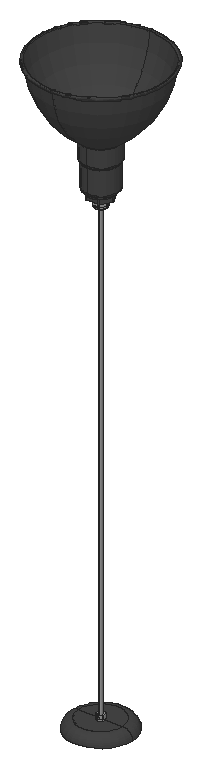
Revit family "BLE-C-VDBW-E26", category Lighting Fixtures, host Face, Revit 2022
Family settings
  Host = Face
  Round Connector Dimension = Use Diameter
  Part Type = Normal
  Cut with Voids When Loaded = No
  Light Source = Yes
  Maintain Annotation Orientation = No
  Shared = No
  Room Calculation Point = No
Parameters (values of type "10"")
  Wattage = 5.72229 W
  built-in parameter 1150110 = 1 (stored number, unit not read)
  built-in parameter 1114217 = 1 (stored number, unit not read)
  Tilt Angle = -90.00°
  built-in parameter 1150109 = 1 (stored number, unit not read)
  built-in parameter 1150134 = (empty or 0)
  built-in parameter 1150113 = 1 (stored number, unit not read)
  Photometric Web File = "generic"
  built-in parameter 1150142 = (empty or 0)
  built-in parameter 1150105 = 67.641 (stored number, unit not read)
  Lumens = 850 lm
  built-in parameter 1150115 = 1 (stored number, unit not read)
  built-in parameter 1150137 = (empty or 0)
  built-in parameter 1150139 = (empty or 0)
  built-in parameter 1150112 = 1 (stored number, unit not read)
  built-in parameter 1150114 = 1 (stored number, unit not read)
  built-in parameter 1150132 = 2
  built-in parameter 1150102 = (empty or 0)
  built-in parameter 1150107 = 3000 (stored number, unit not read)
  built-in parameter 1150138 = (empty or 0)
  built-in parameter 1150106 = 0.67641 (stored number, unit not read)
  Heat Sink = 0' - 3 13/128"
  Head Height = Cord Length + 0' 1 7/128"  # 3' - 1 7/128"
  Emit from Line Length = 2' - 0"
  built-in parameter 1150104 = 13.8 (stored number, unit not read)
  Dimming Lamp Color Temperature Shift = <None>
  Cord Material = Rubber, Black
  Shade Material = 100 - Black
  Default Elevation = 4' - 0"
  Cord Length = 3' - 0"
  Color Filter = 16777215
  Base Material = 100 - Black
  built-in parameter 1114218 = 1 (stored number, unit not read)
  built-in parameter 1150133 = 10 (stored number, unit not read)
  24" = no
  20" = no
  16" = no
  14" = no
  12" = no
  10" = yes
Reference planes (in)
  plane 1 "Center (Front/Back)": y = 0
  plane 2: z = 0
  plane 3 "Center (Left/Right)": x = 0
Lines and regions (in)
  reference lines
    curve 1: line (-35, 0, 0) -> (35, 0, 0)
    curve 2: line (0, 45, 0) -> (0, -38, 0)
    curve 3: line (0, 1.46279, 37.05469) -> (0, 6.96279, 37.05469)
Dimensions and locks (in)
  locked: imposter light to curve 3 at 5.375
  "Head Height": curve 3 to host face
  aligned and locked: plane 2 to host face
  aligned and locked: level to host face
  aligned and locked: plane 3 "Center (Left/Right)" to nested 1
  aligned and locked: nested 3 to plane 3 "Center (Left/Right)"
  aligned and locked: plane 3 "Center (Left/Right)" to nested 2
  aligned and locked: nested 2 to plane 1 "Center (Front/Back)"
  aligned and locked: plane 3 "Center (Left/Right)" to imposter light
  aligned and locked: imposter light to nested 3
  aligned and locked: plane 1 "Center (Front/Back)" to nested 1
  aligned and locked: nested 6 to imposter light
  aligned and locked: imposter light to nested 6
  aligned and locked: plane 3 "Center (Left/Right)" to nested 4
Automatic sketch dimensions
  host sketch curve to host sketch curve = 8' - 0"  (x2)
  plane 1 "Center (Front/Back)" to curve 1 = 0' - 0"
  curve 2 to plane 3 "Center (Left/Right)" = 0' - 0"
  curve 1 to plane 3 "Center (Left/Right)" = 2' - 11"
  plane 3 "Center (Left/Right)" to curve 1 = 2' - 11"
  plane 1 "Center (Front/Back)" to curve 2 = 3' - 2"
  curve 2 to plane 1 "Center (Front/Back)" = 3' - 9"
  curve 3 to plane 1 "Center (Front/Back)" = 0' - 1.46279"
  curve 3 to plane 1 "Center (Front/Back)" = 0' - 6.96279"
Nested families (in)
  nested 1: "CAN-2501" at (0, 0, 0), type "CAN-2501"
  nested 2: "CRD-1630" at (0, 0, 1.055) x (0, 1, 0) z (0, 0, 1), Cord Length <- "Cord Length", type "CRD-1630"
    with Cord Length 3' - 0"
  nested 3: "HEY-3231" at (0, 0, 37.05469) x (-1, 0, 0) z (0, 0, 1), type "HEY-3231"
  nested 4: "BUS-2501" at (0, 0, 0.75) x (0, 1, 0) z (0, 0, 1), type "BUS-2501"
  nested 5: "DBW Shade" at (0, 0, 38.40487) x (0, 1, 0) z (0, 0, 1), type "DBW Shade"
    with 24" no, 20" no, 16" no, 14" no, 12" no
  nested 6: "CPL-0004" at (0, 0, 37.75469) x (-1, 0, 0) z (0, 0, 1), type "CPL-0004"
  nested 7: "E26 Socket Assy" at (0, 0, 38.44393) x (0, 1, 0) z (0, 0, 1), type "E26 Socket Assy"
  nested 8: "E26 Bulb" at (0, -0.03394, 40.69892) x (-1, 0, 0) z (0, 0, 1), type "E26 Bulb"
Connectors (in)
  electrical at (0, 0, 0)
    settings: index 1, voltage 0 V, apparent load 0 VA, apparent load phase1 0 VA, apparent load phase2 0 VA, apparent load phase3 0 VA, power factor 1, load classification "Other", number of poles 1, system type 31, power factor state 1, is connector primary yes, connector utility no, sub classification motor no, connector description ""
Definition of nested family "CAN-2501"
  Parameters (values of type "Base")
    Default Elevation = 3' - 0"
    Base Material = none
  Reference planes (in)
    plane 1 "Center (Front/Back)": y = 0
    plane 2: z = 0
    plane 3 "Center (Left/Right)": x = 0
    plane 4 "Base Dia": x = -2.5
    plane 5 "Base Height": z = 0.75
  Forms (in)
    Extrusion 1, solid
      sketch origin (0, 0, 0) x (1, 0, 0) y (0, 1, 0)
        loop
          line (-48, 48) -> (-48, -48) -> (48, -48) -> (48, 48) -> (-48, 48)
      from 0 to -12
    Revolve 2, solid, material <- "Base Material"
      sketch origin (0, 0, 0) x (1, 0, 0) y (0, 0, 1)
        loop
          line (0, 0) -> (0, 0.75) -> (-1.75, 0.75)
          arc (-1.75, 0.75) -> (-2.28033, 0.53033) -> (-2.5, 0) r 0.75
          line (-2.5, 0) -> (0, 0)
        axis (0, 0) -> (0, 0.75)
      angle from 0 to 360
  Dimensions and locks (in)
    plane 4 "Base Dia" to plane 3 "Center (Left/Right)" = 0' - 2 1/2"
    locked: plane 5 "Base Height" to Extrusion 1 at 0.75
    locked: plane 3 "Center (Left/Right)" to plane 4 "Base Dia" at 2.5
    aligned and locked: plane 2 to Extrusion 1
    aligned and locked: level to Extrusion 1
    aligned and locked: plane 3 "Center (Left/Right)" to Revolve 2 sketch curve
    aligned and locked: Revolve 2 sketch curve to plane 5 "Base Height"
    aligned and locked: plane 4 "Base Dia" to Revolve 2 sketch curve
  Automatic sketch dimensions
    Extrusion 1 sketch curve to Extrusion 1 sketch curve = 8' - 0"  (x2)
    Revolve 2 sketch curve to level = 0' - 0"  (x2)
    Revolve 2 sketch curve to plane 3 "Center (Left/Right)" = 0' - 0"
    Revolve 2 sketch curve to Revolve 2 sketch curve = 0' - 0 1/4"
    plane 5 "Base Height" to Revolve 2 sketch curve = 0' - 3.31619"
Definition of nested family "CRD-1630"
  Parameters (values of type "Cord Length")
    Default Elevation = 3' - 0"
    Cord Material = none
    Cord Length [instance] = 3' - 1.365"
  Reference planes (in)
    plane 1 "Center (Front/Back)": y = 0
    plane 2: z = 0
    plane 3 "Center (Left/Right)": x = 0
    plane 4 "Strain Relief Height": z = 0
    plane 5 "Cord Dia": x = -0.125
    plane 6 "Cord Length": z = 37.365
  Forms (in)
    Extrusion 1, solid
      sketch origin (0, 0, 0) x (1, 0, 0) y (0, 1, 0)
        loop
          line (-48, 48) -> (-48, -48) -> (48, -48) -> (48, 48) -> (-48, 48)
      from 0 to -12
    Revolve 2, solid, material <- "Cord Material"
      sketch origin (0, 0, 0) x (1, 0, 0) y (0, 0, 1)
        loop
          line (0, 0) -> (0, 37.365) -> (-0.125, 37.365) -> (-0.125, 0) -> (0, 0)
        axis (0, 0) -> (0, 37.365)
      angle from 0 to 360
  Dimensions and locks (in)
    locked: plane 3 "Center (Left/Right)" to plane 5 "Cord Dia" at 0.125
    "Cord Length": plane 6 "Cord Length" to plane 4 "Strain Relief Height"
    aligned and locked: plane 2 to Extrusion 1
    aligned and locked: level to Extrusion 1
    aligned and locked: plane 3 "Center (Left/Right)" to Revolve 2 sketch curve
    aligned and locked: level to plane 4 "Strain Relief Height"
  Automatic sketch dimensions
    Extrusion 1 sketch curve to Extrusion 1 sketch curve = 8' - 0"  (x2)
    Revolve 2 sketch curve to plane 4 "Strain Relief Height" = 0' - 0"
    plane 5 "Cord Dia" to Revolve 2 sketch curve = 0' - 0"
    Revolve 2 sketch curve to plane 3 "Center (Left/Right)" = 0' - 0"
    Revolve 2 sketch curve to plane 6 "Cord Length" = 0' - 0"
    Revolve 2 sketch curve to level = 0' - 0.29222"
    Revolve 2 sketch curve to Revolve 2 sketch curve = 0' - 2.96897"
Definition of nested family "HEY-3231"
  Parameters (values of type "HEY-3231")
    Coupler Material = none
    Default Elevation = 2' - 0"
  Reference planes (in)
    plane 1 "Center (Front/Back)": y = 0
    plane 2: z = 0
    plane 3 "Center (Left/Right)": x = 0
    plane 4 "Wood Height": z = 0
    plane 5: y = 0.475
    plane 6: z = 0.23
    plane 7: x = -0.475
    plane 8: z = 0.7
  Forms (in)
    Extrusion 1, solid
      sketch origin (0, 0, 0) x (1, 0, 0) y (0, 1, 0)
        loop
          line (-48, 48) -> (-48, -48) -> (48, -48) -> (48, 48) -> (-48, 48)
      from 0 to -12
    Extrusion 2, solid, material <- "Coupler Material"
      sketch origin (0, 0, 0) x (1, 0, 0) y (0, 1, 0)
        loop
          line (0.22361, 0.475) -> (-0.22361, 0.475)
          arc (-0.22361, 0.475) -> (-0.2625, 0.45466) -> (-0.29956, 0.43115) r 0.525
          line (-0.29956, 0.43115) -> (-0.52317, 0.04385)
          arc (-0.52317, 0.04385) -> (-0.525, 0) -> (-0.52317, -0.04385) r 0.525
          line (-0.52317, -0.04385) -> (-0.29956, -0.43115)
          arc (-0.29956, -0.43115) -> (-0.2625, -0.45466) -> (-0.22361, -0.475) r 0.525
          line (-0.22361, -0.475) -> (0.22361, -0.475)
          arc (0.22361, -0.475) -> (0.2625, -0.45466) -> (0.29956, -0.43115) r 0.525
          line (0.29956, -0.43115) -> (0.52317, -0.04385)
          arc (0.52317, -0.04385) -> (0.525, 0) -> (0.52317, 0.04385) r 0.525
          line (0.52317, 0.04385) -> (0.29956, 0.43115)
          arc (0.29956, 0.43115) -> (0.2625, 0.45466) -> (0.22361, 0.475) r 0.525
      from 0.23 to 0.7
    Revolve 3, solid, material <- "Coupler Material"
      sketch origin (0, 0, 0) x (1, 0, 0) y (0, 0, 1)
        loop
          line (0, 0.23) -> (-0.475, 0.23) -> (-0.475, 0.12)
          arc (-0.475, 0.12) -> (-0.43985, 0.03515) -> (-0.355, 0) r 0.12
          line (-0.355, 0) -> (0, 0) -> (0, 0.23)
        axis (0, 0.23) -> (0, 0)
      angle from 0 to 360
  Cuts and joins
    joined: Extrusion 2, Revolve 3
  Dimensions and locks (in)
    plane 5 to plane 1 "Center (Front/Back)" = 0' - 0.475"
    locked: plane 6 to Extrusion 1 at 0.23
    locked: plane 3 "Center (Left/Right)" to plane 7 at 0.475
    locked: plane 8 to plane 6 at 0.47
    aligned and locked: plane 2 to Extrusion 1
    aligned and locked: level to Extrusion 1
    aligned and locked: Extrusion 1 to plane 4 "Wood Height"
    aligned and locked: plane 8 to Extrusion 2
    aligned and locked: Extrusion 2 to plane 6
    aligned and locked: Revolve 3 sketch curve to plane 3 "Center (Left/Right)"
  Automatic sketch dimensions
    Extrusion 1 sketch curve to Extrusion 1 sketch curve = 8' - 0"  (x2)
    Revolve 3 sketch curve to plane 6 = 0' - 0"
    Revolve 3 sketch curve to plane 7 = 0' - 0"
    Revolve 3 sketch curve to level = 0' - 0"
    Revolve 3 sketch curve to plane 3 "Center (Left/Right)" = 0' - 0"
    plane 7 to Revolve 3 sketch curve = 0' - 0.12"
    Revolve 3 sketch curve to Revolve 3 sketch curve = 0' - 0.13903"
    plane 8 to Revolve 3 sketch curve = 0' - 0.26542"
    Extrusion 2 sketch curve to Extrusion 2 sketch curve = 0' - 0"  (x4)
    Extrusion 2 sketch curve to plane 5 = 0' - 0"
    plane 1 "Center (Front/Back)" to Extrusion 2 sketch curve = 0' - 0"  (x4)
    Extrusion 2 sketch curve to plane 3 "Center (Left/Right)" = 0' - 0"  (x2)
    Extrusion 2 sketch curve to plane 3 "Center (Left/Right)" = 0' - 0.22361"  (x2)
    Extrusion 2 sketch curve to Extrusion 2 sketch curve = 0' - 0.07595"  (x2)
    Extrusion 2 sketch curve to plane 5 = 0' - 0.04385"  (x2)
    Extrusion 2 sketch curve to plane 7 = 0' - 0.04817"
    plane 1 "Center (Front/Back)" to Extrusion 2 sketch curve = 0' - 0.04385"  (x2)
    plane 3 "Center (Left/Right)" to Extrusion 2 sketch curve = 0' - 0"  (x2)
    plane 3 "Center (Left/Right)" to Extrusion 2 sketch curve = 0' - 0.22361"  (x2)
    Extrusion 2 sketch curve to Extrusion 2 sketch curve = 0' - 0.52317"
    Extrusion 2 sketch curve to plane 1 "Center (Front/Back)" = 0' - 0.04385"
    Extrusion 2 sketch curve to Extrusion 2 sketch curve = 0' - 0.43115"
    Extrusion 2 sketch curve to plane 1 "Center (Front/Back)" = 0' - 0"
Definition of nested family "BUS-2501"
  Parameters (values of type "BUS-2501")
    Coupler Material = none
    Default Elevation = 2' - 0"
  Reference planes (in)
    plane 1 "Center (Front/Back)": y = 0
    plane 2: z = 0
    plane 3 "Center (Left/Right)": x = 0
    plane 4 "Wood Height": z = 0
    plane 5: y = 0.475
    plane 6: z = 0.05
    plane 7: x = -0.3
    plane 8: z = 0.305
    plane 9: x = -0.34
    plane 10: z = 0.24
    plane 11: x = -0.3
  Forms (in)
    Extrusion 1, solid
      sketch origin (0, 0, 0) x (1, 0, 0) y (0, 1, 0)
        loop
          line (-48, 48) -> (-48, -48) -> (48, -48) -> (48, 48) -> (-48, 48)
      from 0 to -12
    Revolve 2, solid, material <- "Coupler Material"
      sketch origin (0, 0, 0) x (1, 0, 0) y (0, 0, 1)
        loop
          line (0, 0.305) -> (-0.3, 0.305) -> (-0.3, 0.05) -> (-0.34, 0.05) -> (-0.34, 0) -> (0, 0) -> (0, 0.305)
        axis (0, 0.305) -> (0, 0)
      angle from 0 to 360
    Revolve 3, solid, material <- "Coupler Material"
      sketch origin (0, 0, 0) x (1, 0, 0) y (0, 0, 1)
        loop
          line (-0.34, 0.23209) -> (-0.34, 0.05) -> (-0.3, 0.05) -> (-0.3, 0.27209)
          arc (-0.3, 0.27209) -> (-0.32828, 0.26038) -> (-0.34, 0.23209) r 0.04
        axis (-0.3, 0.27209) -> (-0.3, 0.05)
      angle from 0 to 360
    Revolve 4, solid, material <- "Coupler Material"
      sketch origin (0, 0, 0) x (0.5, -0.866025, 0) y (0, 0, 1)
        loop
          line (-0.34, 0.23209) -> (-0.34, 0.05) -> (-0.3, 0.05) -> (-0.3, 0.27209)
          arc (-0.3, 0.27209) -> (-0.32828, 0.26038) -> (-0.34, 0.23209) r 0.04
        axis (-0.3, 0.27209) -> (-0.3, 0.05)
      angle from 0 to 360
    Revolve 5, solid, material <- "Coupler Material"
      sketch origin (0, 0, 0) x (0.5, 0.866025, 0) y (0, 0, 1)
        loop
          line (-0.34, 0.23209) -> (-0.34, 0.05) -> (-0.3, 0.05) -> (-0.3, 0.27209)
          arc (-0.3, 0.27209) -> (-0.32828, 0.26038) -> (-0.34, 0.23209) r 0.04
        axis (-0.3, 0.27209) -> (-0.3, 0.05)
      angle from 0 to 360
    Revolve 6, solid, material <- "Coupler Material"
      sketch origin (0, 0, 0) x (-0.5, 0.866025, 0) y (0, 0, 1)
        loop
          line (-0.34, 0.23209) -> (-0.34, 0.05) -> (-0.3, 0.05) -> (-0.3, 0.27209)
          arc (-0.3, 0.27209) -> (-0.32828, 0.26038) -> (-0.34, 0.23209) r 0.04
        axis (-0.3, 0.27209) -> (-0.3, 0.05)
      angle from 0 to 360
    Revolve 7, solid, material <- "Coupler Material"
      sketch origin (0, 0, 0) x (-1, 0, 0) y (0, 0, 1)
        loop
          line (-0.34, 0.23209) -> (-0.34, 0.05) -> (-0.3, 0.05) -> (-0.3, 0.27209)
          arc (-0.3, 0.27209) -> (-0.32828, 0.26038) -> (-0.34, 0.23209) r 0.04
        axis (-0.3, 0.27209) -> (-0.3, 0.05)
      angle from 0 to 360
    Revolve 8, solid, material <- "Coupler Material"
      sketch origin (0, 0, 0) x (-0.5, -0.866025, 0) y (0, 0, 1)
        loop
          line (-0.34, 0.23209) -> (-0.34, 0.05) -> (-0.3, 0.05) -> (-0.3, 0.27209)
          arc (-0.3, 0.27209) -> (-0.32828, 0.26038) -> (-0.34, 0.23209) r 0.04
        axis (-0.3, 0.27209) -> (-0.3, 0.05)
      angle from 0 to 360
  Cuts and joins
    joined: Revolve 3, Revolve 4, Revolve 5, Revolve 6, Revolve 7, Revolve 8
  Dimensions and locks (in)
    plane 5 to plane 1 "Center (Front/Back)" = 0' - 0.475"
    locked: plane 6 to Extrusion 1 at 0.05
    plane 3 "Center (Left/Right)" to plane 7 = 0' - 0.3"
    locked: plane 3 "Center (Left/Right)" to plane 9 at 0.34
    locked: plane 8 to Extrusion 1 at 0.305
    locked: plane 10 to Extrusion 1 at 0.24
    locked: plane 11 to plane 9 at 0.04
    aligned and locked: plane 2 to Extrusion 1
    aligned and locked: level to Extrusion 1
    aligned and locked: Revolve 2 sketch curve to plane 3 "Center (Left/Right)"
  Automatic sketch dimensions
    Extrusion 1 sketch curve to Extrusion 1 sketch curve = 8' - 0"  (x2)
    Revolve 2 sketch curve to level = 0' - 0"
    Revolve 2 sketch curve to plane 9 = 0' - 0"
    Revolve 2 sketch curve to plane 7 = 0' - 0"
    Revolve 2 sketch curve to plane 3 "Center (Left/Right)" = 0' - 0"
    Revolve 2 sketch curve to plane 6 = 0' - 0"
    Revolve 2 sketch curve to plane 8 = 0' - 0"
    Revolve 2 sketch curve to Revolve 2 sketch curve = 0' - 0.05566"
    Revolve 2 sketch curve to Revolve 2 sketch curve = 0' - 0.31738"
    Revolve 3 sketch curve to Revolve 3 sketch curve = 0' - 0.04"
    Revolve 3 sketch curve to Revolve 3 sketch curve = 0' - 0.18209"
    Revolve 3 sketch curve to Revolve 3 sketch curve = 0' - 0"
    Revolve 3 sketch curve to Revolve 3 sketch curve = 0' - 0.01092"
    Revolve 3 sketch curve to Revolve 3 sketch curve = 0' - 0.05355"
    Revolve 4 sketch curve to Revolve 4 sketch curve = 0' - 0.04"
    Revolve 4 sketch curve to Revolve 4 sketch curve = 0' - 0.18209"
    Revolve 4 sketch curve to Revolve 4 sketch curve = 0' - 0"
    Revolve 4 sketch curve to Revolve 4 sketch curve = 0' - 0.01092"
    Revolve 4 sketch curve to Revolve 4 sketch curve = 0' - 0.05355"
    Revolve 5 sketch curve to Revolve 5 sketch curve = 0' - 0.04"
    Revolve 5 sketch curve to Revolve 5 sketch curve = 0' - 0.18209"
    Revolve 5 sketch curve to Revolve 5 sketch curve = 0' - 0"
    Revolve 5 sketch curve to Revolve 5 sketch curve = 0' - 0.01092"
    Revolve 5 sketch curve to Revolve 5 sketch curve = 0' - 0.05355"
    Revolve 6 sketch curve to Revolve 6 sketch curve = 0' - 0.04"
    Revolve 6 sketch curve to Revolve 6 sketch curve = 0' - 0.18209"
    Revolve 6 sketch curve to Revolve 6 sketch curve = 0' - 0"
    Revolve 6 sketch curve to Revolve 6 sketch curve = 0' - 0.01092"
    Revolve 6 sketch curve to Revolve 6 sketch curve = 0' - 0.05355"
    Revolve 7 sketch curve to Revolve 7 sketch curve = 0' - 0.04"
    Revolve 7 sketch curve to Revolve 7 sketch curve = 0' - 0.18209"
    Revolve 7 sketch curve to Revolve 7 sketch curve = 0' - 0"
    Revolve 7 sketch curve to Revolve 7 sketch curve = 0' - 0.01092"
    Revolve 7 sketch curve to Revolve 7 sketch curve = 0' - 0.05355"
    Revolve 8 sketch curve to Revolve 8 sketch curve = 0' - 0.04"
    Revolve 8 sketch curve to Revolve 8 sketch curve = 0' - 0.18209"
    Revolve 8 sketch curve to Revolve 8 sketch curve = 0' - 0"
    Revolve 8 sketch curve to Revolve 8 sketch curve = 0' - 0.01092"
    Revolve 8 sketch curve to Revolve 8 sketch curve = 0' - 0.05355"
    Revolve 3 sketch curve to plane 9 = 0' - 0"
    Revolve 3 sketch curve to plane 6 = 0' - 0"
    Revolve 5 sketch curve to plane 6 = 0' - 0"
    plane 6 to Revolve 6 sketch curve = 0' - 0"
    Revolve 7 sketch curve to plane 6 = 0' - 0"
    plane 3 "Center (Left/Right)" to Revolve 7 sketch curve = 0' - 0.34"
    Revolve 4 sketch curve to plane 6 = 0' - 0"
    plane 6 to Revolve 8 sketch curve = 0' - 0"
Definition of nested family "DBW Shade"
  Parameters (values of type "DBW Shade")
    Shade Material = none
    Default Elevation = 2' - 0"
    24" = yes
    20" = yes
    10" = yes
    16" = yes
    14" = yes
    12" = yes
  Reference planes (in)
    plane 1 "Center (Front/Back)": y = 0
    plane 2: z = 0
    plane 3 "Center (Left/Right)": x = 0
  Forms (in)
    Extrusion 1, solid
      sketch origin (0, 0, 0) x (1, 0, 0) y (0, 1, 0)
        loop
          line (-48, 48) -> (-48, -48) -> (48, -48) -> (48, 48) -> (-48, 48)
      from 0 to -12
  Dimensions and locks (in)
    aligned and locked: plane 2 to Extrusion 1
    aligned and locked: level to Extrusion 1
    aligned and locked: plane 1 "Center (Front/Back)" to nested 1
    aligned and locked: plane 3 "Center (Left/Right)" to nested 1
    aligned and locked: plane 3 "Center (Left/Right)" to nested 2
    aligned and locked: plane 1 "Center (Front/Back)" to nested 2
    aligned and locked: plane 1 "Center (Front/Back)" to nested 3
    aligned and locked: plane 3 "Center (Left/Right)" to nested 3
    aligned and locked: plane 1 "Center (Front/Back)" to nested 4
    aligned and locked: plane 1 "Center (Front/Back)" to nested 5
    aligned and locked: plane 3 "Center (Left/Right)" to nested 5
    aligned and locked: plane 3 "Center (Left/Right)" to nested 6
    aligned and locked: plane 1 "Center (Front/Back)" to nested 6
    aligned and locked: plane 3 "Center (Left/Right)" to nested 4
  Nested families (in)
    nested 1: "SHD-0028" at (0, 0, 0), visible <- "10"", type "SHD-0028"
    nested 2: "SHD-0029" at (0, 0, 0), visible <- "12"", type "SHD-0029"
    nested 3: "SHD-0114" at (0, 0, 0), visible <- "14"", type "SHD-0114"
    nested 4: "SHD-0115" at (0, 0, 0), visible <- "16"", type "SHD-0115"
    nested 5: "SHD-0308" at (0, 0, 0), visible <- "24"", type "SHD-0308"
    nested 6: "SHD-0223" at (0, 0, 0), visible <- "20"", type "SHD-0223"
  Definition of nested family "SHD-0028"
    Parameters (values of type "SHD-0028")
      Shade Material = none
      Default Elevation = 2' - 0"
    Reference planes (in)
      plane 1 "Center (Front/Back)": y = 0
      plane 2: z = 0
      plane 3 "Center (Left/Right)": x = 0
      plane 4 "Wood Height": z = 0
      plane 5 "Nut Radius": x = -1.03713
      plane 6 "Nut Flat": x = -0.861
      plane 7 "Shade Thickness": z = 0.04
      plane 8 "Lower Shade bottom": z = 9.109
      plane 9 "Lower Shade Outer Dia": x = -5
      plane 10 "Shade Top Dia": x = -1.20713
      plane 11 "Shade Middle Radius Height1": z = 1.965
      plane 12 "Shade Lower Diameter1": x = -1.44113
      plane 13 "Shade Top Radius": x = -1.29713
      plane 14 "Shade Middle Radious Height2": z = 2.105
      plane 15 "Shade Middle Radius Diameter2": x = -1.41363
      plane 16 "Lip Height": z = 9.029
      plane 17 "Bowl Start": z = 3.545
      plane 18: x = -4.85
      plane 19: z = 9.069
    Forms (in)
      Extrusion 1, solid
        sketch origin (0, 0, 0) x (1, 0, 0) y (0, 1, 0)
          loop
            line (-48, 48) -> (-48, -48) -> (48, -48) -> (48, 48) -> (-48, 48)
        from 0 to -12
      Revolve 2, solid, material <- "Shade Material"
        sketch origin (0, 0, 0) x (1, 0, 0) y (0, 0, 1)
          loop
            line (0, 0) -> (0, 0.03906) -> (-1.20713, 0.03906)
            arc (-1.20713, 0.03906) -> (-1.24314, 0.05398) -> (-1.25806, 0.09) r 0.05094
            line (-1.25806, 0.09) -> (-1.25806, 1.94384)
            arc (-1.25806, 1.94384) -> (-1.26409, 1.97759) -> (-1.28141, 2.00717) r 0.09757
            line (-1.28141, 2.00717) -> (-1.37456, 2.11635) -> (-1.37456, 3.48096)
            arc (-1.37456, 3.48096) -> (-1.39014, 3.54099) -> (-1.43295, 3.58588) r 0.12347
            arc (-1.43295, 3.58588) -> (-3.7536, 5.90437) -> (-4.80544, 9.01154) r 7.20294
            arc (-4.80544, 9.01154) -> (-4.99326, 9.04214) -> (-4.84504, 8.9228) r 0.09841
            line (-4.84504, 8.9228) -> (-4.86619, 8.95581)
            arc (-4.86619, 8.95581) -> (-4.95809, 9.02506) -> (-4.84432, 9.00777) r 0.05934
            arc (-4.84432, 9.00777) -> (-3.78678, 5.88375) -> (-1.45354, 3.55268) r 7.242
            arc (-1.45354, 3.55268) -> (-1.42428, 3.522) -> (-1.41363, 3.48096) r 0.0844
            line (-1.41363, 3.48096) -> (-1.41363, 2.13147)
            arc (-1.41363, 2.13147) -> (-1.40868, 2.10377) -> (-1.39446, 2.07949) r 0.08009
            line (-1.39446, 2.07949) -> (-1.31112, 1.98181)
            arc (-1.31112, 1.98181) -> (-1.30074, 1.96408) -> (-1.29713, 1.94384) r 0.0585
            line (-1.29713, 1.94384) -> (-1.29713, 0.09)
            arc (-1.29713, 0.09) -> (-1.27077, 0.02636) -> (-1.20713, 0) r 0.09
            line (-1.20713, 0) -> (0, 0)
          axis (0, 9.01154) -> (0, 0)
        angle from 0 to 360
    Dimensions and locks (in)
      locked: plane 6 "Nut Flat" to plane 3 "Center (Left/Right)" at 0.861
      locked: plane 7 "Shade Thickness" to plane 4 "Wood Height" at 0.04
      locked: plane 3 "Center (Left/Right)" to plane 9 "Lower Shade Outer Dia" at 5
      locked: plane 11 "Shade Middle Radius Height1" to plane 4 "Wood Height" at 1.965
      locked: plane 14 "Shade Middle Radious Height2" to plane 4 "Wood Height" at 2.105
      locked: plane 8 "Lower Shade bottom" to plane 16 "Lip Height" at 0.08
      locked: plane 17 "Bowl Start" to plane 4 "Wood Height" at 3.545
      locked: plane 18 to plane 9 "Lower Shade Outer Dia" at 0.15
      locked: plane 8 "Lower Shade bottom" to plane 19 at 0.04
      locked: plane 8 "Lower Shade bottom" to plane 4 "Wood Height" at 9.109
      aligned and locked: plane 2 to Extrusion 1
      aligned and locked: level to Extrusion 1
      aligned and locked: plane 4 "Wood Height" to Revolve 2 sketch curve
      aligned and locked: plane 10 "Shade Top Dia" to Revolve 2 sketch curve
      aligned and locked: Revolve 2 sketch curve to plane 15 "Shade Middle Radius Diameter2"
      aligned and locked: Revolve 2 sketch curve to plane 13 "Shade Top Radius"
      aligned and locked: Extrusion 1 to plane 4 "Wood Height"
    Automatic sketch dimensions
      Extrusion 1 sketch curve to Extrusion 1 sketch curve = 8' - 0"  (x2)
      Revolve 2 sketch curve to Revolve 2 sketch curve = 0' - 0"  (x12)
      Revolve 2 sketch curve to plane 3 "Center (Left/Right)" = 0' - 0"  (x2)
      plane 18 to Revolve 2 sketch curve = 0' - 0.00496"
      Revolve 2 sketch curve to plane 18 = 0' - 0.01619"
      plane 15 "Shade Middle Radius Diameter2" to Revolve 2 sketch curve = 0' - 0.01916"
      plane 14 "Shade Middle Radious Height2" to Revolve 2 sketch curve = 0' - 0.01135"
      plane 15 "Shade Middle Radius Diameter2" to Revolve 2 sketch curve = 0' - 0 5/128"
      Revolve 2 sketch curve to plane 11 "Shade Middle Radius Height1" = 0' - 0.02116"
      plane 15 "Shade Middle Radius Diameter2" to Revolve 2 sketch curve = 0' - 0.058"
      plane 14 "Shade Middle Radious Height2" to Revolve 2 sketch curve = 0' - 0.02647"
      Revolve 2 sketch curve to plane 13 "Shade Top Radius" = 0' - 0.01572"
      Revolve 2 sketch curve to Revolve 2 sketch curve = 0' - 0 5/128"
      Revolve 2 sketch curve to plane 17 "Bowl Start" = 0' - 0.06404"
      plane 18 to Revolve 2 sketch curve = 0' - 0.00568"
      plane 17 "Bowl Start" to Revolve 2 sketch curve = 0' - 0.15101"
      Revolve 2 sketch curve to Revolve 2 sketch curve = 0' - 2.15863"
      Revolve 2 sketch curve to plane 12 "Shade Lower Diameter1" = 0' - 0.00818"
      Revolve 2 sketch curve to Revolve 2 sketch curve = 0' - 0.03888"  (x2)
      Revolve 2 sketch curve to Revolve 2 sketch curve = 0' - 0.03301"
      Revolve 2 sketch curve to Revolve 2 sketch curve = 0' - 0.02059"
      Revolve 2 sketch curve to Revolve 2 sketch curve = 0' - 0.03319"
  Definition of nested family "SHD-0029"
    Parameters (values of type "SHD-0029")
      Shade Material = none
      Default Elevation = 2' - 0"
    Reference planes (in)
      plane 1 "Center (Front/Back)": y = 0
      plane 2: z = 0
      plane 3 "Center (Left/Right)": x = 0
      plane 4 "Wood Height": z = 0
      plane 5 "Nut Radius": x = -1.03713
      plane 6 "Nut Flat": x = -0.861
      plane 7 "Shade Thickness": z = 0.04
      plane 8 "Shade Top Dia": x = -1.20713
      plane 9 "Shade Middle Radius Height1": z = 1.965
      plane 10 "Shade Lower Diameter1": x = -1.44113
      plane 11 "Shade Top Radius": x = -1.29713
      plane 12 "Shade Middle Radious Height2": z = 2.105
      plane 13 "Shade Middle Radius Diameter2": x = -1.41363
      plane 14 "Bowl Start": z = 3.545
    Forms (in)
      Extrusion 1, solid
        sketch origin (0, 0, 0) x (1, 0, 0) y (0, 1, 0)
          loop
            line (-48, 48) -> (-48, -48) -> (48, -48) -> (48, 48) -> (-48, 48)
        from 0 to -12
      Revolve 2, solid, material <- "Shade Material"
        sketch origin (0, 0, 0) x (1, 0, 0) y (0, 0, 1)
          loop
            line (0, 0) -> (0, 0.03906) -> (-1.20713, 0.03906)
            arc (-1.20713, 0.03906) -> (-1.24314, 0.05398) -> (-1.25806, 0.09) r 0.05094
            line (-1.25806, 0.09) -> (-1.25806, 1.94384)
            arc (-1.25806, 1.94384) -> (-1.26409, 1.97759) -> (-1.28141, 2.00717) r 0.09757
            line (-1.28141, 2.00717) -> (-1.37456, 2.11635) -> (-1.37456, 3.49488)
            arc (-1.37456, 3.49488) -> (-1.3856, 3.54027) -> (-1.41623, 3.57553) r 0.09889
            arc (-1.41623, 3.57553) -> (-4.2546, 6.22323) -> (-5.80711, 9.7808) r 9.56481
            arc (-5.80711, 9.7808) -> (-5.99536, 9.79563) -> (-5.84506, 9.68132) r 0.09841
            line (-5.84506, 9.68132) -> (-5.86621, 9.71432)
            arc (-5.86621, 9.71432) -> (-5.9593, 9.78052) -> (-5.84534, 9.77276) r 0.05934
            arc (-5.84534, 9.77276) -> (-4.28694, 6.2013) -> (-1.43786, 3.54296) r 9.60387
            arc (-1.43786, 3.54296) -> (-1.42003, 3.5218) -> (-1.41363, 3.49488) r 0.05982
            line (-1.41363, 3.49488) -> (-1.41363, 2.13147)
            arc (-1.41363, 2.13147) -> (-1.40868, 2.10377) -> (-1.39446, 2.07949) r 0.08009
            line (-1.39446, 2.07949) -> (-1.31112, 1.98181)
            arc (-1.31112, 1.98181) -> (-1.30074, 1.96408) -> (-1.29713, 1.94384) r 0.0585
            line (-1.29713, 1.94384) -> (-1.29713, 0.09)
            arc (-1.29713, 0.09) -> (-1.27077, 0.02636) -> (-1.20713, 0) r 0.09
            line (-1.20713, 0) -> (0, 0)
          axis (0, 9.7808) -> (0, 0)
        angle from 0 to 360
    Dimensions and locks (in)
      locked: plane 6 "Nut Flat" to plane 3 "Center (Left/Right)" at 0.861
      locked: plane 7 "Shade Thickness" to plane 4 "Wood Height" at 0.04
      locked: plane 9 "Shade Middle Radius Height1" to plane 4 "Wood Height" at 1.965
      locked: plane 12 "Shade Middle Radious Height2" to plane 4 "Wood Height" at 2.105
      locked: plane 14 "Bowl Start" to plane 4 "Wood Height" at 3.545
      aligned and locked: plane 2 to Extrusion 1
      aligned and locked: level to Extrusion 1
      aligned and locked: plane 4 "Wood Height" to Revolve 2 sketch curve
      aligned and locked: plane 8 "Shade Top Dia" to Revolve 2 sketch curve
      aligned and locked: Revolve 2 sketch curve to plane 13 "Shade Middle Radius Diameter2"
      aligned and locked: Revolve 2 sketch curve to plane 11 "Shade Top Radius"
      aligned and locked: Extrusion 1 to plane 4 "Wood Height"
    Automatic sketch dimensions
      Extrusion 1 sketch curve to Extrusion 1 sketch curve = 8' - 0"  (x2)
      Revolve 2 sketch curve to Revolve 2 sketch curve = 0' - 0"  (x15)
      Revolve 2 sketch curve to plane 3 "Center (Left/Right)" = 0' - 0"  (x2)
      plane 10 "Shade Lower Diameter1" to Revolve 2 sketch curve = 0' - 0.03232"
      Revolve 2 sketch curve to Revolve 2 sketch curve = 0' - 0.02115"
      Revolve 2 sketch curve to Revolve 2 sketch curve = 0' - 0.0372"
      plane 13 "Shade Middle Radius Diameter2" to Revolve 2 sketch curve = 0' - 0.01916"
      plane 12 "Shade Middle Radious Height2" to Revolve 2 sketch curve = 0' - 0.01135"
      plane 13 "Shade Middle Radius Diameter2" to Revolve 2 sketch curve = 0' - 0 5/128"
      Revolve 2 sketch curve to plane 9 "Shade Middle Radius Height1" = 0' - 0.02116"
      plane 13 "Shade Middle Radius Diameter2" to Revolve 2 sketch curve = 0' - 0.058"
      plane 12 "Shade Middle Radious Height2" to Revolve 2 sketch curve = 0' - 0.02647"
      Revolve 2 sketch curve to plane 11 "Shade Top Radius" = 0' - 0.01572"
      Revolve 2 sketch curve to Revolve 2 sketch curve = 0' - 0 5/128"
      Revolve 2 sketch curve to plane 14 "Bowl Start" = 0' - 0.05012"
      Revolve 2 sketch curve to Revolve 2 sketch curve = 0' - 0.03301"
      Revolve 2 sketch curve to Revolve 2 sketch curve = 0' - 0.04623"
      Revolve 2 sketch curve to plane 13 "Shade Middle Radius Diameter2" = 0' - 0.00261"
      Revolve 2 sketch curve to plane 14 "Bowl Start" = 0' - 0.00204"
      plane 14 "Bowl Start" to Revolve 2 sketch curve = 0' - 0.15101"
      Revolve 2 sketch curve to Revolve 2 sketch curve = 0' - 2.15863"
      plane 10 "Shade Lower Diameter1" to Revolve 2 sketch curve = 0' - 4.40394"
      plane 3 "Center (Left/Right)" to Revolve 2 sketch curve = 0' - 3.5532"
      plane 14 "Bowl Start" to Revolve 2 sketch curve = 0' - 6.13632"
  Definition of nested family "SHD-0114"
    Parameters (values of type "SHD-0114")
      Shade Material = none
      Default Elevation = 2' - 0"
    Reference planes (in)
      plane 1 "Center (Front/Back)": y = 0
      plane 2: z = 0
      plane 3 "Center (Left/Right)": x = 0
      plane 4 "Wood Height": z = 0
    Forms (in)
      Extrusion 1, solid
        sketch origin (0, 0, 0) x (1, 0, 0) y (0, 1, 0)
          loop
            line (-48, 48) -> (-48, -48) -> (48, -48) -> (48, 48) -> (-48, 48)
        from 0 to -12
      Revolve 2, solid, material <- "Shade Material"
        sketch origin (0, 0, 0) x (1, 0, 0) y (0, 0, 1)
          loop
            line (0, 0) -> (0, 0.03906) -> (-1.45545, 0.03906)
            arc (-1.45545, 0.03906) -> (-1.49164, 0.05405) -> (-1.50663, 0.09025) r 0.05119
            line (-1.50663, 0.09025) -> (-1.50663, 2.07228)
            arc (-1.50663, 2.07228) -> (-1.51325, 2.1034) -> (-1.53194, 2.12913) r 0.0765
            line (-1.53194, 2.12913) -> (-1.59895, 2.18946)
            arc (-1.59895, 2.18946) -> (-1.61737, 2.21483) -> (-1.62389, 2.24549) r 0.07539
            line (-1.62389, 2.24549) -> (-1.62389, 3.76049)
            arc (-1.62389, 3.76049) -> (-1.63985, 3.81863) -> (-1.68326, 3.86047) r 0.11386
            arc (-1.68326, 3.86047) -> (-5.12462, 6.95788) -> (-6.79993, 11.27416) r 9.99002
            arc (-6.79993, 11.27416) -> (-6.99505, 11.29998) -> (-6.84047, 11.17815) r 0.10205
            line (-6.84047, 11.17815) -> (-6.86365, 11.20959)
            arc (-6.86365, 11.20959) -> (-6.95906, 11.28479) -> (-6.83863, 11.26885) r 0.06299
            arc (-6.83863, 11.26885) -> (-5.15677, 6.93569) -> (-1.70196, 3.82617) r 10.02909
            arc (-1.70196, 3.82617) -> (-1.67344, 3.79868) -> (-1.66295, 3.76049) r 0.07479
            line (-1.66295, 3.76049) -> (-1.66295, 2.24549)
            arc (-1.66295, 2.24549) -> (-1.65306, 2.19894) -> (-1.62508, 2.16043) r 0.11445
            line (-1.62508, 2.16043) -> (-1.55808, 2.1001)
            arc (-1.55808, 2.1001) -> (-1.54893, 2.08751) -> (-1.54569, 2.07228) r 0.03743
            line (-1.54569, 2.07228) -> (-1.54569, 0.09025)
            arc (-1.54569, 0.09025) -> (-1.51926, 0.02643) -> (-1.45545, 0) r 0.09025
            line (-1.45545, 0) -> (0, 0)
          axis (0, 11.27416) -> (0, 0)
        angle from 0 to 360
    Dimensions and locks (in)
      aligned and locked: plane 2 to Extrusion 1
      aligned and locked: level to Extrusion 1
      aligned and locked: Extrusion 1 to plane 4 "Wood Height"
    Automatic sketch dimensions
      Extrusion 1 sketch curve to Extrusion 1 sketch curve = 8' - 0"  (x2)
      Revolve 2 sketch curve to Revolve 2 sketch curve = 0' - 0"  (x25)
      Revolve 2 sketch curve to level = 0' - 0"
      Revolve 2 sketch curve to plane 3 "Center (Left/Right)" = 0' - 0"  (x2)
      Revolve 2 sketch curve to Revolve 2 sketch curve = 0' - 0.01239"
      Revolve 2 sketch curve to Revolve 2 sketch curve = 0' - 0.07479"
      Revolve 2 sketch curve to Revolve 2 sketch curve = 0' - 0.02318"
      Revolve 2 sketch curve to Revolve 2 sketch curve = 0' - 0.03738"
      Revolve 2 sketch curve to Revolve 2 sketch curve = 0' - 0.03144"
      Revolve 2 sketch curve to Revolve 2 sketch curve = 0' - 0.0507"
      Revolve 2 sketch curve to Revolve 2 sketch curve = 0' - 0.01869"  (x2)
      Revolve 2 sketch curve to Revolve 2 sketch curve = 0' - 2.15863"
      plane 3 "Center (Left/Right)" to Revolve 2 sketch curve = 0' - 3.09734"
      Revolve 2 sketch curve to Revolve 2 sketch curve = 0' - 0.02614"
      Revolve 2 sketch curve to Revolve 2 sketch curve = 0' - 0 5/128"  (x2)
      Revolve 2 sketch curve to Revolve 2 sketch curve = 0' - 1.45545"
      Revolve 2 sketch curve to Revolve 2 sketch curve = 0' - 0.05119"
      Revolve 2 sketch curve to Revolve 2 sketch curve = 0' - 0.02531"
      Revolve 2 sketch curve to Revolve 2 sketch curve = 0' - 0.01656"
      Revolve 2 sketch curve to Revolve 2 sketch curve = 0' - 0.02505"
      Revolve 2 sketch curve to Revolve 2 sketch curve = 0' - 0.05045"
      Revolve 2 sketch curve to plane 3 "Center (Left/Right)" = 0' - 6.84047"
      Revolve 2 sketch curve to Revolve 2 sketch curve = 0' - 1.98204"
      Revolve 2 sketch curve to Revolve 2 sketch curve = 0' - 1.515"
      Revolve 2 sketch curve to Revolve 2 sketch curve = 0' - 7.41765"
      Revolve 2 sketch curve to Revolve 2 sketch curve = 0' - 0.06448"
  Definition of nested family "SHD-0115"
    Parameters (values of type "SHD-0115")
      Shade Material = none
      Default Elevation = 2' - 0"
    Reference planes (in)
      plane 1 "Center (Front/Back)": y = 0
      plane 2: z = 0
      plane 3 "Center (Left/Right)": x = 0
      plane 4 "Wood Height": z = 0
    Forms (in)
      Extrusion 1, solid
        sketch origin (0, 0, 0) x (1, 0, 0) y (0, 1, 0)
          loop
            line (-48, 48) -> (-48, -48) -> (48, -48) -> (48, 48) -> (-48, 48)
        from 0 to -12
      Revolve 2, solid, material <- "Shade Material"
        sketch origin (0, 0, 0) x (1, 0, 0) y (0, 0, 1)
          loop
            line (0, 0) -> (0, 0.03906) -> (-1.45545, 0.03906)
            arc (-1.45545, 0.03906) -> (-1.49164, 0.05405) -> (-1.50663, 0.09025) r 0.05119
            line (-1.50663, 0.09025) -> (-1.50663, 2.07228)
            arc (-1.50663, 2.07228) -> (-1.51325, 2.1034) -> (-1.53194, 2.12913) r 0.0765
            line (-1.53194, 2.12913) -> (-1.59895, 2.18946)
            arc (-1.59895, 2.18946) -> (-1.61737, 2.21483) -> (-1.62389, 2.24549) r 0.07539
            line (-1.62389, 2.24549) -> (-1.62389, 3.76049)
            arc (-1.62389, 3.76049) -> (-1.64115, 3.82076) -> (-1.6877, 3.86276) r 0.11386
            arc (-1.6877, 3.86276) -> (-5.9143, 7.51176) -> (-7.79992, 12.76759) r 10.98102
            arc (-7.79992, 12.76759) -> (-7.99459, 12.80067) -> (-7.84102, 12.67655) r 0.10205
            line (-7.84102, 12.67655) -> (-7.8642, 12.70799)
            arc (-7.8642, 12.70799) -> (-7.95899, 12.7846) -> (-7.83883, 12.76418) r 0.06299
            arc (-7.83883, 12.76418) -> (-5.94651, 7.48965) -> (-1.70487, 3.82767) r 11.02008
            arc (-1.70487, 3.82767) -> (-1.67429, 3.80009) -> (-1.66295, 3.76049) r 0.07479
            line (-1.66295, 3.76049) -> (-1.66295, 2.24549)
            arc (-1.66295, 2.24549) -> (-1.65306, 2.19894) -> (-1.62508, 2.16043) r 0.11445
            line (-1.62508, 2.16043) -> (-1.55808, 2.1001)
            arc (-1.55808, 2.1001) -> (-1.54893, 2.08751) -> (-1.54569, 2.07228) r 0.03743
            line (-1.54569, 2.07228) -> (-1.54569, 0.09025)
            arc (-1.54569, 0.09025) -> (-1.51926, 0.02643) -> (-1.45545, 0) r 0.09025
            line (-1.45545, 0) -> (0, 0)
          axis (0, 12.76759) -> (0, 0)
        angle from 0 to 360
    Dimensions and locks (in)
      aligned and locked: plane 2 to Extrusion 1
      aligned and locked: level to Extrusion 1
      aligned and locked: Extrusion 1 to plane 4 "Wood Height"
    Automatic sketch dimensions
      Extrusion 1 sketch curve to Extrusion 1 sketch curve = 8' - 0"  (x2)
      Revolve 2 sketch curve to Revolve 2 sketch curve = 0' - 0"  (x16)
      Revolve 2 sketch curve to level = 0' - 0"
      Revolve 2 sketch curve to plane 3 "Center (Left/Right)" = 0' - 0"  (x2)
      Revolve 2 sketch curve to Revolve 2 sketch curve = 0' - 1.45545"
      Revolve 2 sketch curve to plane 3 "Center (Left/Right)" = 0' - 1.50663"
      Revolve 2 sketch curve to Revolve 2 sketch curve = 0' - 0.02531"
      Revolve 2 sketch curve to Revolve 2 sketch curve = 0' - 0 5/128"
      Revolve 2 sketch curve to Revolve 2 sketch curve = 0' - 0.01656"
      Revolve 2 sketch curve to Revolve 2 sketch curve = 0' - 0.01239"
      Revolve 2 sketch curve to Revolve 2 sketch curve = 0' - 0.02505"
      Revolve 2 sketch curve to Revolve 2 sketch curve = 0' - 0.05045"
      Revolve 2 sketch curve to Revolve 2 sketch curve = 0' - 0.02494"
      Revolve 2 sketch curve to Revolve 2 sketch curve = 0' - 0.02614"
      Revolve 2 sketch curve to Revolve 2 sketch curve = 0' - 0.07479"
      Revolve 2 sketch curve to Revolve 2 sketch curve = 0' - 0.02318"
      Revolve 2 sketch curve to Revolve 2 sketch curve = 0' - 0.03738"
      plane 3 "Center (Left/Right)" to Revolve 2 sketch curve = 0' - 3.13919"
      Revolve 2 sketch curve to Revolve 2 sketch curve = 0' - 1.98204"
      Revolve 2 sketch curve to Revolve 2 sketch curve = 0' - 1.515"
      Revolve 2 sketch curve to Revolve 2 sketch curve = 0' - 0.03144"
      Revolve 2 sketch curve to Revolve 2 sketch curve = 0' - 0.0507"
      Revolve 2 sketch curve to Revolve 2 sketch curve = 0' - 1.04947"
      Revolve 2 sketch curve to Revolve 2 sketch curve = 0' - 0.03891"
      Revolve 2 sketch curve to Revolve 2 sketch curve = 0' - 0.06448"
      Revolve 2 sketch curve to Revolve 2 sketch curve = 0' - 2.15863"
  Definition of nested family "SHD-0308"
    Parameters (values of type "SHD-0308")
      Shade Material = none
      Default Elevation = 2' - 0"
    Reference planes (in)
      plane 1 "Center (Front/Back)": y = 0
      plane 2: z = 0
      plane 3 "Center (Left/Right)": x = 0
      plane 4 "Wood Height": z = 0
    Forms (in)
      Extrusion 1, solid
        sketch origin (0, 0, 0) x (1, 0, 0) y (0, 1, 0)
          loop
            line (-48, 48) -> (-48, -48) -> (48, -48) -> (48, 48) -> (-48, 48)
        from 0 to -12
      Revolve 2, solid, material <- "Shade Material"
        sketch origin (0, 0, 0) x (1, 0, 0) y (0, 0, 1)
          loop
            line (0, 0) -> (0, 0.03906) -> (-2.22237, 0.03906)
            arc (-2.22237, 0.03906) -> (-2.2742, 0.06053) -> (-2.29567, 0.11236) r 0.0733
            line (-2.29567, 0.11236) -> (-2.29567, 3.09806)
            arc (-2.29567, 3.09806) -> (-2.30835, 3.16758) -> (-2.34475, 3.22814) r 0.19691
            line (-2.34475, 3.22814) -> (-2.42725, 3.32189)
            arc (-2.42725, 3.32189) -> (-2.46224, 3.38009) -> (-2.47442, 3.4469) r 0.18923
            line (-2.47442, 3.4469) -> (-2.47442, 5.72055)
            arc (-2.47442, 5.72055) -> (-2.4994, 5.80773) -> (-2.56677, 5.86845) r 0.16462
            arc (-2.56677, 5.86845) -> (-9.0535, 11.47959) -> (-11.91654, 19.56448) r 16.76616
            arc (-11.91654, 19.56448) -> (-11.93143, 19.59499) -> (-11.96306, 19.60734) r 0.04667
            line (-11.96306, 19.60734) -> (-12.00319, 19.60734)
            arc (-12.00319, 19.60734) -> (-12.07667, 19.53386) -> (-12.00319, 19.46037) r 0.07348
            line (-12.00319, 19.46037) -> (-11.96309, 19.46037) -> (-11.96309, 19.49944) -> (-12.00319, 19.49944)
            arc (-12.00319, 19.49944) -> (-12.03761, 19.53386) -> (-12.00319, 19.56828) r 0.03442
            line (-12.00319, 19.56828) -> (-11.95604, 19.56828)
            arc (-11.95604, 19.56828) -> (-9.08774, 11.46046) -> (-2.58392, 5.83336) r 16.80523
            arc (-2.58392, 5.83336) -> (-2.53254, 5.78704) -> (-2.51348, 5.72055) r 0.12556
            line (-2.51348, 5.72055) -> (-2.51348, 3.4469)
            arc (-2.51348, 3.4469) -> (-2.49878, 3.3663) -> (-2.45658, 3.29609) r 0.22829
            line (-2.45658, 3.29609) -> (-2.37408, 3.20234)
            arc (-2.37408, 3.20234) -> (-2.34489, 3.15379) -> (-2.33473, 3.09806) r 0.15785
            line (-2.33473, 3.09806) -> (-2.33473, 0.11236)
            arc (-2.33473, 0.11236) -> (-2.30182, 0.03291) -> (-2.22237, 0) r 0.11236
            line (-2.22237, 0) -> (0, 0)
          axis (0, 19.60734) -> (0, 0)
        angle from 0 to 360
    Dimensions and locks (in)
      aligned and locked: plane 2 to Extrusion 1
      aligned and locked: level to Extrusion 1
      aligned and locked: Extrusion 1 to plane 4 "Wood Height"
    Automatic sketch dimensions
      Extrusion 1 sketch curve to Extrusion 1 sketch curve = 8' - 0"  (x2)
      Revolve 2 sketch curve to Revolve 2 sketch curve = 0' - 0"  (x24)
      Revolve 2 sketch curve to level = 0' - 0"
      Revolve 2 sketch curve to plane 3 "Center (Left/Right)" = 0' - 0"  (x2)
      Revolve 2 sketch curve to Revolve 2 sketch curve = 0' - 0.01047"
      Revolve 2 sketch curve to Revolve 2 sketch curve = 0' - 0.01002"
      Revolve 2 sketch curve to Revolve 2 sketch curve = 0' - 0.02933"  (x2)
      Revolve 2 sketch curve to Revolve 2 sketch curve = 0' - 0.04717"
      Revolve 2 sketch curve to Revolve 2 sketch curve = 0' - 0.12556"
      Revolve 2 sketch curve to Revolve 2 sketch curve = 0' - 0.00701"
      Revolve 2 sketch curve to Revolve 2 sketch curve = 0' - 0.00004"
      Revolve 2 sketch curve to Revolve 2 sketch curve = 0' - 0.04013"
      plane 3 "Center (Left/Right)" to Revolve 2 sketch curve = 0' - 4.79372"
      Revolve 2 sketch curve to Revolve 2 sketch curve = 0' - 0 5/128"  (x2)
      Revolve 2 sketch curve to Revolve 2 sketch curve = 0' - 2.9857"
      Revolve 2 sketch curve to Revolve 2 sketch curve = 0' - 2.27365"
      Revolve 2 sketch curve to Revolve 2 sketch curve = 0' - 0.03442"
      Revolve 2 sketch curve to Revolve 2 sketch curve = 0' - 0.00761"
      Revolve 2 sketch curve to Revolve 2 sketch curve = 0' - 0.24911"
      Revolve 2 sketch curve to Revolve 2 sketch curve = 0' - 2.15863"
      Revolve 2 sketch curve to Revolve 2 sketch curve = 0' - 2.22237"
      Revolve 2 sketch curve to plane 3 "Center (Left/Right)" = 0' - 2.28519"
      Revolve 2 sketch curve to plane 3 "Center (Left/Right)" = 0' - 11.95604"
      Revolve 2 sketch curve to Revolve 2 sketch curve = 1' - 1.73983"
      Revolve 2 sketch curve to Revolve 2 sketch curve = 1' - 3.07792"
  Definition of nested family "SHD-0223"
    Parameters (values of type "SHD-0223")
      Shade Material = none
      Default Elevation = 2' - 0"
    Reference planes (in)
      plane 1 "Center (Front/Back)": y = 0
      plane 2: z = 0
      plane 3 "Center (Left/Right)": x = 0
      plane 4 "Wood Height": z = 0
    Forms (in)
      Extrusion 1, solid
        sketch origin (0, 0, 0) x (1, 0, 0) y (0, 1, 0)
          loop
            line (-48, 48) -> (-48, -48) -> (48, -48) -> (48, 48) -> (-48, 48)
        from 0 to -12
      Revolve 2, solid, material <- "Shade Material"
        sketch origin (0, 0, 0) x (1, 0, 0) y (0, 0, 1)
          loop
            line (0, 0) -> (0, 0.03906) -> (-1.8485, 0.03906)
            arc (-1.8485, 0.03906) -> (-1.88896, 0.05582) -> (-1.90572, 0.09628) r 0.05722
            line (-1.90572, 0.09628) -> (-1.90572, 2.57881)
            arc (-1.90572, 2.57881) -> (-1.9168, 2.64011) -> (-1.94865, 2.69364) r 0.17504
            line (-1.94865, 2.69364) -> (-2.01787, 2.77327)
            arc (-2.01787, 2.77327) -> (-2.04498, 2.81883) -> (-2.05441, 2.871) r 0.14898
            line (-2.05441, 2.871) -> (-2.05441, 4.7663)
            arc (-2.05441, 4.7663) -> (-2.07634, 4.84285) -> (-2.13548, 4.89618) r 0.14458
            arc (-2.13548, 4.89618) -> (-7.53748, 9.56968) -> (-9.92412, 16.30223) r 13.97395
            arc (-9.92412, 16.30223) -> (-9.93712, 16.32887) -> (-9.96474, 16.33964) r 0.04076
            line (-9.96474, 16.33964) -> (-10.00281, 16.33964)
            arc (-10.00281, 16.33964) -> (-10.06432, 16.27814) -> (-10.00281, 16.21663) r 0.06151
            line (-10.00281, 16.21663) -> (-9.96563, 16.21663) -> (-9.96563, 16.25569) -> (-10.00281, 16.25569)
            arc (-10.00281, 16.25569) -> (-10.02526, 16.27814) -> (-10.00281, 16.30058) r 0.02244
            line (-10.00281, 16.30058) -> (-9.96317, 16.30058)
            arc (-9.96317, 16.30058) -> (-7.57018, 9.5483) -> (-2.15264, 4.86109) r 14.01301
            arc (-2.15264, 4.86109) -> (-2.10948, 4.82217) -> (-2.09348, 4.7663) r 0.10551
            line (-2.09348, 4.7663) -> (-2.09348, 2.871)
            arc (-2.09348, 2.871) -> (-2.08157, 2.80515) -> (-2.04735, 2.74764) r 0.18804
            line (-2.04735, 2.74764) -> (-1.97814, 2.66801)
            arc (-1.97814, 2.66801) -> (-1.95339, 2.62643) -> (-1.94478, 2.57881) r 0.13598
            line (-1.94478, 2.57881) -> (-1.94478, 0.09628)
            arc (-1.94478, 0.09628) -> (-1.91658, 0.0282) -> (-1.8485, 0) r 0.09628
            line (-1.8485, 0) -> (0, 0)
          axis (0, 16.33964) -> (0, 0)
        angle from 0 to 360
    Dimensions and locks (in)
      aligned and locked: plane 2 to Extrusion 1
      aligned and locked: level to Extrusion 1
      aligned and locked: Extrusion 1 to plane 4 "Wood Height"
    Automatic sketch dimensions
      Extrusion 1 sketch curve to Extrusion 1 sketch curve = 8' - 0"  (x2)
      Revolve 2 sketch curve to Revolve 2 sketch curve = 0' - 0"  (x24)
      Revolve 2 sketch curve to level = 0' - 0"
      Revolve 2 sketch curve to plane 3 "Center (Left/Right)" = 0' - 0"  (x2)
      Revolve 2 sketch curve to Revolve 2 sketch curve = 0' - 0.05722"
      Revolve 2 sketch curve to Revolve 2 sketch curve = 0' - 0.00387"
      Revolve 2 sketch curve to Revolve 2 sketch curve = 0' - 0.02948"  (x2)
      Revolve 2 sketch curve to Revolve 2 sketch curve = 0' - 0.06922"
      Revolve 2 sketch curve to Revolve 2 sketch curve = 0' - 0.10551"
      Revolve 2 sketch curve to Revolve 2 sketch curve = 0' - 0.00156"
      Revolve 2 sketch curve to Revolve 2 sketch curve = 0' - 0.0009"
      Revolve 2 sketch curve to Revolve 2 sketch curve = 0' - 0.03807"
      plane 3 "Center (Left/Right)" to Revolve 2 sketch curve = 0' - 4.00263"
      Revolve 2 sketch curve to Revolve 2 sketch curve = 0' - 0 5/128"  (x2)
      Revolve 2 sketch curve to Revolve 2 sketch curve = 0' - 0.02244"
      Revolve 2 sketch curve to Revolve 2 sketch curve = 0' - 0.0017"
      Revolve 2 sketch curve to Revolve 2 sketch curve = 0' - 2.15863"
      Revolve 2 sketch curve to Revolve 2 sketch curve = 0' - 11.59521"
      Revolve 2 sketch curve to Revolve 2 sketch curve = 0' - 1.8485"
      Revolve 2 sketch curve to Revolve 2 sketch curve = 0' - 0.00028"
      Revolve 2 sketch curve to plane 3 "Center (Left/Right)" = 0' - 9.96317"
      Revolve 2 sketch curve to Revolve 2 sketch curve = 0' - 2.48252"
      Revolve 2 sketch curve to Revolve 2 sketch curve = 0' - 1.89529"
      Revolve 2 sketch curve to Revolve 2 sketch curve = 0' - 11.45033"
      Revolve 2 sketch curve to Revolve 2 sketch curve = 0' - 1.11021"
Definition of nested family "CPL-0004"
  Parameters (values of type "CPL-0004")
    Coupler Material = none
    Default Elevation = 2' - 0"
  Reference planes (in)
    plane 1 "Center (Front/Back)": y = 0
    plane 2: z = 0
    plane 3 "Center (Left/Right)": x = 0
    plane 4 "Wood Height": z = 0
    plane 5: y = 0.875
    plane 6: z = 0.4
  Forms (in)
    Extrusion 1, solid
      sketch origin (0, 0, 0) x (1, 0, 0) y (0, 1, 0)
        loop
          line (-48, 48) -> (-48, -48) -> (48, -48) -> (48, 48) -> (-48, 48)
      from 0 to -12
    Extrusion 2, solid, material <- "Coupler Material"
      sketch origin (0, 0, 0) x (1, 0, 0) y (0, 1, 0)
        loop
          line (-0.54127, 0.8125) -> (-0.97428, 0.0625)
          arc (-0.97428, 0.0625) -> (-0.99103, 0) -> (-0.97428, -0.0625) r 0.125
          line (-0.97428, -0.0625) -> (-0.54127, -0.8125)
          arc (-0.54127, -0.8125) -> (-0.49551, -0.85825) -> (-0.43301, -0.875) r 0.125
          line (-0.43301, -0.875) -> (0.43301, -0.875)
          arc (0.43301, -0.875) -> (0.49551, -0.85825) -> (0.54127, -0.8125) r 0.125
          line (0.54127, -0.8125) -> (0.97428, -0.0625)
          arc (0.97428, -0.0625) -> (0.99103, 0) -> (0.97428, 0.0625) r 0.125
          line (0.97428, 0.0625) -> (0.54127, 0.8125)
          arc (0.54127, 0.8125) -> (0.49551, 0.85825) -> (0.43301, 0.875) r 0.125
          line (0.43301, 0.875) -> (-0.43301, 0.875)
          arc (-0.43301, 0.875) -> (-0.49551, 0.85825) -> (-0.54127, 0.8125) r 0.125
      from 0 to 0.4
    Revolve 3, solid, material <- "Coupler Material"
      sketch origin (0, 0, 0) x (1, 0, 0) y (0, 0, 1)
        loop
          line (0, 0.65018) -> (-1.00921, 0.65018) -> (-1.03665, 0.61971) -> (-1.02973, 0.43008)
          arc (-1.02973, 0.43008) -> (-1.02417, 0.41239) -> (-1.01036, 0.4) r 0.03506
          line (-1.01036, 0.4) -> (0, 0.4) -> (0, 0.65018)
        axis (0, 0.65018) -> (0, 0.4)
      angle from 0 to 360
  Dimensions and locks (in)
    locked: plane 5 to plane 1 "Center (Front/Back)" at 0.875
    locked: plane 6 to Extrusion 1 at 0.4
    aligned and locked: plane 2 to Extrusion 1
    aligned and locked: level to Extrusion 1
    aligned and locked: Extrusion 1 to plane 4 "Wood Height"
    aligned and locked: Revolve 3 sketch curve to plane 3 "Center (Left/Right)"
  Automatic sketch dimensions
    Extrusion 1 sketch curve to Extrusion 1 sketch curve = 8' - 0"  (x2)
    Revolve 3 sketch curve to plane 6 = 0' - 0"
    Revolve 3 sketch curve to plane 3 "Center (Left/Right)" = 0' - 0"
    plane 6 to Revolve 3 sketch curve = 0' - 0.03136"
    Revolve 3 sketch curve to plane 3 "Center (Left/Right)" = 0' - 0.99469"
    plane 6 to Revolve 3 sketch curve = 0' - 0.25018"
    Revolve 3 sketch curve to Revolve 3 sketch curve = 0' - 0.01453"
    Revolve 3 sketch curve to Revolve 3 sketch curve = 0' - 0.01568"
    plane 6 to Revolve 3 sketch curve = 0' - 0.03008"
    plane 6 to Revolve 3 sketch curve = 0' - 0.21971"
    Revolve 3 sketch curve to Revolve 3 sketch curve = 0' - 0.02744"
    Revolve 3 sketch curve to level = 0' - 0.16839"
    Revolve 3 sketch curve to Revolve 3 sketch curve = 0' - 0.1618"
    plane 1 "Center (Front/Back)" to Extrusion 2 sketch curve = 0' - 0"  (x2)
    Extrusion 2 sketch curve to plane 5 = 0' - 0"
    Extrusion 2 sketch curve to plane 1 "Center (Front/Back)" = 0' - 0 1/16"  (x2)
    plane 1 "Center (Front/Back)" to Extrusion 2 sketch curve = 0' - 0 1/16"  (x2)
    Extrusion 2 sketch curve to Extrusion 2 sketch curve = 0' - 0.10825"  (x4)
    Extrusion 2 sketch curve to plane 3 "Center (Left/Right)" = 0' - 0.54127"
    Extrusion 2 sketch curve to plane 5 = 0' - 0 1/16"  (x2)
    plane 3 "Center (Left/Right)" to Extrusion 2 sketch curve = 0' - 0.43301"  (x2)
Definition of nested family "E26 Socket Assy"
  Parameters (values of type "E26 Socket Assy")
    Shade Material = none
    Default Elevation = 2' - 0"
  Reference planes (in)
    plane 1 "Center (Front/Back)": y = 0
    plane 2: z = 0
    plane 3 "Center (Left/Right)": x = 0
    plane 4 "Wood Height": z = 0
  Forms (in)
    Extrusion 1, solid
      sketch origin (0, 0, 0) x (1, 0, 0) y (0, 1, 0)
        loop
          line (-48, 48) -> (-48, -48) -> (48, -48) -> (48, 48) -> (-48, 48)
      from 0 to -12
    Revolve 2, solid
      sketch origin (0, 0, 0) x (1, 0, 0) y (0, 0, 1)
        loop
          line (0, 0) -> (0, 2.155) -> (-0.57839, 2.155) -> (-0.67838, 2.25499) -> (-0.71769, 2.25499)
          arc (-0.71769, 2.25499) -> (-0.75193, 2.2408) -> (-0.76611, 2.20657) r 0.04842
          line (-0.76611, 2.20657) -> (-0.76611, 0.37999) -> (-1, 0.37999) -> (-0.98772, 0.02838)
          arc (-0.98772, 0.02838) -> (-0.97876, 0.00825) -> (-0.95833, 0) r 0.02941
          line (-0.95833, 0) -> (0, 0)
        axis (0, 2.25499) -> (0, 0)
      angle from 0 to 360
  Dimensions and locks (in)
    aligned and locked: plane 2 to Extrusion 1
    aligned and locked: level to Extrusion 1
    aligned and locked: Extrusion 1 to plane 4 "Wood Height"
    aligned and locked: Revolve 2 sketch curve to plane 3 "Center (Left/Right)"
  Automatic sketch dimensions
    Extrusion 1 sketch curve to Extrusion 1 sketch curve = 8' - 0"  (x2)
    Revolve 2 sketch curve to level = 0' - 0"
    Revolve 2 sketch curve to plane 3 "Center (Left/Right)" = 0' - 0"
    Revolve 2 sketch curve to plane 3 "Center (Left/Right)" = 0' - 0.67838"
    Revolve 2 sketch curve to Revolve 2 sketch curve = 0' - 0.03931"
    level to Revolve 2 sketch curve = 0' - 0.37999"
    Revolve 2 sketch curve to plane 3 "Center (Left/Right)" = 0' - 0.76611"
    level to Revolve 2 sketch curve = 0' - 0.02941"
    Revolve 2 sketch curve to Revolve 2 sketch curve = 0' - 0.19222"
    level to Revolve 2 sketch curve = 0' - 0.02838"
    Revolve 2 sketch curve to Revolve 2 sketch curve = 0' - 1.77502"
    Revolve 2 sketch curve to Revolve 2 sketch curve = 0' - 0.05156"
    Revolve 2 sketch curve to Revolve 2 sketch curve = 0' - 0.09998"
    Revolve 2 sketch curve to Revolve 2 sketch curve = 0' - 0.48108"
    Revolve 2 sketch curve to Revolve 2 sketch curve = 0' - 0.69024"
Definition of nested family "E26 Bulb"
  Parameters (values of type "E26 Bulb")
    Bulb Base Material = none
    Default Elevation = 2' - 0"
    Bulb Material = none
  Reference planes (in)
    plane 1 "Center (Front/Back)": y = 0
    plane 2: z = 0
    plane 3 "Center (Left/Right)": x = 0
  Forms (in)
    Extrusion 1, solid
      sketch origin (0, 0, -12.73852) x (1, 0, 0) y (0, 1, 0)
        loop
          line (-48, 48) -> (-48, -48) -> (48, -48) -> (48, 48) -> (-48, 48)
      from 12.73852 to 2.73852
    Revolve 2, solid, material <- "Bulb Material"
      sketch origin (0, 0, 0) x (1, 0, 0) y (0, 0, 1)
        loop
          line (0.6495, 0.207) -> (0.68866, 0.449)
          arc (0.68866, 0.449) -> (0.75312, 0.6845) -> (0.866, 0.901) r 1.14598
          line (0.866, 0.901) -> (0.9845, 1.079)
          arc (0.9845, 1.079) -> (1.04207, 2.29114) -> (0, 2.913) r 1.17993
          line (0, 2.913) -> (0, 2.87394)
          arc (0, 2.87394) -> (1.00763, 2.2727) -> (0.95199, 1.10065) r 1.14086
